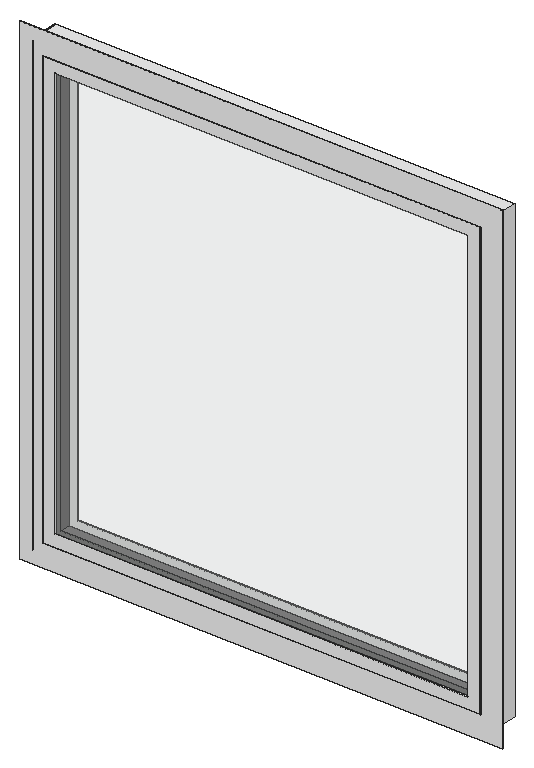
Revit family "Casement_36_A_Side_Hung_Custom", category Windows, host Wall, Revit 2014
Parameters (values of type "Casement_Sash_DG")
  Width Sash [instance] = 30 mm
  Width Sash Inner = 15 mm
  Width Bead = 15 mm
  Top Hung [instance] = yes
  Side Hung Right [instance] = yes
  Side Hung Left [instance] = yes
  Sash Opening Width [instance] = 600 mm
  Sash Opening Height [instance] = 600.312 mm
  Sash Lip = 15 mm
  Glazing Material [instance] = Glass
  DG Start Piece 2 [instance] = DG End Piece 1 + DG Gasket Thickness  # 25 mm
  DG Start Peice 1 [instance] = (Depth Sash - (2 * DG Glazing Thickness) - DG Gasket Thickness) / 2  # 6.6 mm
  Glazing Offset = 5 mm
  DG Glazing Thickness [instance] = 6.4 mm
  DG Gasket Thickness = 12 mm  # constant formula
  DG Gasket Material [instance] = Double Glazing Gasket Material
  DG End Piece 2 [instance] = DG Start Piece 2 + DG Glazing Thickness  # 31.4 mm
  DG End Piece 1 [instance] = DG Start Peice 1 + DG Glazing Thickness  # 13 mm
  Depth Sash [instance] = 38 mm
  Center Vertical Sash [instance] = Sash Opening Height / 2  # 300.156 mm
  Center Horizontal Sash [instance] = Sash Opening Width / 2  # 300 mm
  Bottom Hung [instance] = yes
  Bead Offset = 15 mm
  Aluminium Thickness = 1 mm
  Aluminium Material [instance] = White Powder Coated Aluminium
Reference planes
  plane 1 "Center (Front/Back)": y = 0
  plane 2: z = 0
  plane 3 "Center (Left/Right)": x = 0
Forms (mm)
  Sweep 1, solid, material "White Powder Coated Aluminium" <- "Aluminium Material"
    path origin (16.177, 0, 121.331) x (1, 0, 0) y (0, 0, 1)
      loop
        line (0, 0) -> (600, 0) -> (600, 600.312) -> (0, 600.312) -> (0, 0)
    profile origin (316.177, 0, 121.331) x (0, 0, 1) y (0, -1, 0)
      loop
        line (0, 0) -> (30, 0) -> (30, 1) -> (15, 1) -> (15, 38) -> (-15, 38) -> (-15, 37) -> (0, 37) -> (0, 0)
      loop
        line (14, 1) -> (14, 37) -> (1, 37) -> (1, 1) -> (14, 1)
  Sweep 2, solid, material "White Powder Coated Aluminium" <- "Aluminium Material"
    path origin (0, 0, 0) x (1, 0, 0) y (0, 0, 1)
      loop
        line (31.177, 706.643) -> (31.177, 136.331) -> (601.177, 136.331) -> (601.177, 706.643) -> (31.177, 706.643)
    profile origin (316.177, 0, 706.643) x (0, 0, 1) y (0, -1, 0)
      loop
        line (0, 37) -> (0, 38) -> (-15, 38) -> (-15, 37) -> (0, 37)
  Extrusion 3, solid, material "Glass" <- "Glazing Material"
    sketch origin (0, 0, 0) x (1, 0, 0) y (0, 0, 1)
      loop
        line (36.177, 701.643) -> (36.177, 141.331) -> (596.177, 141.331) -> (596.177, 701.643) -> (36.177, 701.643)
    from 6.6 <- "DG Start Peice 1" to 13 <- "DG End Piece 1"
  Extrusion 4, solid, material "Glass" <- "Glazing Material"
    sketch origin (0, 0, 0) x (1, 0, 0) y (0, 0, 1)
      loop
        line (36.177, 701.643) -> (36.177, 141.331) -> (596.177, 141.331) -> (596.177, 701.643) -> (36.177, 701.643)
    from 31.4 <- "DG End Piece 2" to 25 <- "DG Start Piece 2"
  Sweep 5, solid, material "Double Glazing Gasket Material" <- "DG Gasket Material"
    path origin (0, -13, 0) x (1, 0, 0) y (0, 0, 1)
      loop
        line (36.177, 701.643) -> (36.177, 141.331) -> (596.177, 141.331) -> (596.177, 701.643) -> (36.177, 701.643)
    profile origin (316.177, -13, 701.643) x (0, 0, 1) y (0, -1, 0)
      loop
        line (0, 0) -> (0, 12) -> (-7.96, 12) -> (-7.96, 0) -> (0, 0)
Lines and regions (mm)
  model lines
    curve 1: line (1.177, -38, 736.643) -> (31.177, -38, 706.643)
    curve 2: line (601.177, -38, 706.643) -> (631.177, -38, 736.643)
    curve 3: line (601.177, -38, 136.331) -> (631.177, -38, 106.331)
    curve 4: line (1.177, -38, 106.331) -> (31.177, -38, 136.331)
    curve 5: line (631.177, -37, 736.643) -> (616.177, -37, 721.643)
    curve 6: line (1.177, -37, 736.643) -> (16.177, -37, 721.643)
    curve 7: line (1.177, -37, 106.331) -> (16.177, -37, 121.331)
    curve 8: line (631.177, -37, 106.331) -> (616.177, -37, 121.331)
    curve 9: line (616.177, 0, 121.331) -> (586.177, 0, 151.331)
    curve 10: line (46.177, 0, 151.331) -> (16.177, 0, 121.331)
    curve 11: line (616.177, 0, 721.643) -> (586.177, 0, 691.643)
    curve 12: line (46.177, 0, 691.643) -> (16.177, 0, 721.643)
    curve 13: line (31.177, -38, 691.643) -> (46.177, -38, 691.643)
    curve 14: line (586.177, -38, 691.643) -> (601.177, -38, 691.643)
    curve 15: line (586.177, -38, 151.331) -> (601.177, -38, 151.331)
    curve 16: line (31.177, -38, 151.331) -> (46.177, -38, 151.331)
  model lines, style "GenericModelHiddenLines", visible <- "Top Hung"
    curve 17: line (46.386, -31.4, 690.914) -> (316.177, -31.4, 151.331)
    curve 18: line (316.177, -31.4, 151.331) -> (586.177, -31.4, 691.331)
  model lines, style "GenericModelHiddenLines", visible <- "Bottom Hung"
    curve 19: line (46.177, -31.4, 151.331) -> (316.177, -31.4, 691.331)
    curve 20: line (316.177, -31.4, 691.331) -> (586.177, -31.4, 151.331)
  model lines, style "GenericModelHiddenLines", visible <- "Side Hung Left"
    curve 21: line (46.386, -31.4, 690.914) -> (585.24, -31.4, 421.487)
    curve 22: line (585.24, -31.4, 421.487) -> (46.177, -31.4, 151.331)
  model lines, style "GenericModelHiddenLines", visible <- "Side Hung Right"
    curve 23: line (586.177, -31.4, 691.331) -> (46.177, -31.4, 421.487)
    curve 24: line (46.177, -31.4, 421.487) -> (586.177, -31.4, 151.331)
Dimensions and locks
  "Aluminium Thickness": Sweep 1 sketch curve to Sweep 1 sketch curve  (x4)
  "Depth Sash": Sweep 1 sketch curve to Sweep 1 sketch curve
  "Sash Opening Width": Sweep 1 to Sweep 1
  "Sash Opening Height": Sweep 1 to Sweep 1
  "Width Sash": Sweep 1 sketch curve to Sweep 1 sketch curve  (x2)
  "Width Sash Inner": Sweep 1 sketch curve to Sweep 1 sketch curve
  "Sash Lip": Sweep 1 sketch curve to Sweep 1 sketch curve
  "Aluminium Thickness": Sweep 1 to Sweep 2 sketch curve
  "Glazing Offset": Sweep 2 to Extrusion 3 sketch curve  (x3)
  "Glazing Offset": Extrusion 3 sketch curve to Sweep 2
  Sweep 1 to Sweep 1 = 1 mm
  "Aluminium Thickness": Sweep 2 sketch curve to Sweep 2 sketch curve
  "Width Bead": Sweep 2 sketch curve to Sweep 2 sketch curve
  locked: Sweep 5 sketch curve to Sweep 5 sketch curve at 7.96
  "Center Horizontal Sash": Sweep 1 to curve 18
  "Center Horizontal Sash": Sweep 1 to curve 20
  "Center Vertical Sash": Sweep 1 to curve 22
  "Center Vertical Sash": Sweep 1 to curve 24
  aligned and locked: level to plane 2
  aligned and locked: Sweep 1 sketch curve to Sweep 1 sketch curve  (x2)
  aligned and locked: Sweep 2 sketch curve to Sweep 1  (x5)
  aligned and locked: Extrusion 4 sketch curve to Extrusion 3  (x4)
  aligned and locked: Sweep 5 sketch curve to Extrusion 3  (x5)
  aligned and locked: Extrusion 3 to Sweep 5 sketch curve
Automatic sketch dimensions
  plane 3 "Center (Left/Right)" to Sweep 1 sketch curve = 16.177 mm
  level to Sweep 1 sketch curve = 121.331 mm
  plane 3 "Center (Left/Right)" to Sweep 1 sketch curve = 616.177 mm
  level to Sweep 1 sketch curve = 721.643 mm
  profile plane to Sweep 5 sketch curve = 12 mm
  curve 7 to Sweep 1 = 0 mm  (x4)
  curve 6 to Sweep 1 = 0 mm  (x3)
  Sweep 1 to curve 6 = 0 mm
  curve 5 to Sweep 1 = 0 mm  (x3)
  curve 8 to Sweep 1 = 0 mm  (x4)
  Sweep 1 to curve 5 = 0 mm
  curve 16 to Sweep 2 = 0 mm  (x3)
  curve 13 to Sweep 2 = 0 mm  (x3)
  curve 15 to Sweep 2 = 0 mm
  Sweep 2 to curve 15 = 0 mm  (x2)
  curve 14 to Sweep 2 = 0 mm  (x2)
  Sweep 2 to curve 14 = 0 mm
  curve 1 to Sweep 1 = 0 mm  (x4)
  curve 4 to Sweep 1 = 0 mm  (x3)
  Sweep 1 to curve 4 = 0 mm
  curve 3 to Sweep 1 = 0 mm  (x3)
  curve 2 to Sweep 1 = 0 mm  (x4)
  Sweep 1 to curve 3 = 0 mm
  curve 10 to Sweep 1 = 0 mm  (x4)
  curve 12 to Sweep 1 = 0 mm  (x3)
  Sweep 1 to curve 12 = 0 mm
  curve 9 to Sweep 1 = 0 mm  (x4)
  curve 11 to Sweep 1 = 0 mm  (x3)
  Sweep 1 to curve 11 = 0 mm
  Sweep 1 sketch curve to plane 1 "Center (Front/Back)" = 0 mm
  profile plane to Sweep 1 sketch curve = 0 mm
  curve 21 to Extrusion 4 = 10.208 mm
  curve 19 to Extrusion 4 = 10 mm
  curve 23 to Extrusion 4 = 10 mm  (x2)
  curve 22 to Extrusion 4 = 10.937 mm
  curve 20 to Extrusion 4 = 10 mm
  curve 24 to Extrusion 4 = 10 mm
  curve 22 to Extrusion 4 = 10 mm
  curve 18 to Extrusion 4 = 10 mm
  curve 21 to Extrusion 4 = 10.729 mm
  curve 19 to Extrusion 4 = 10.312 mm
  curve 18 to Extrusion 4 = 10.312 mm
